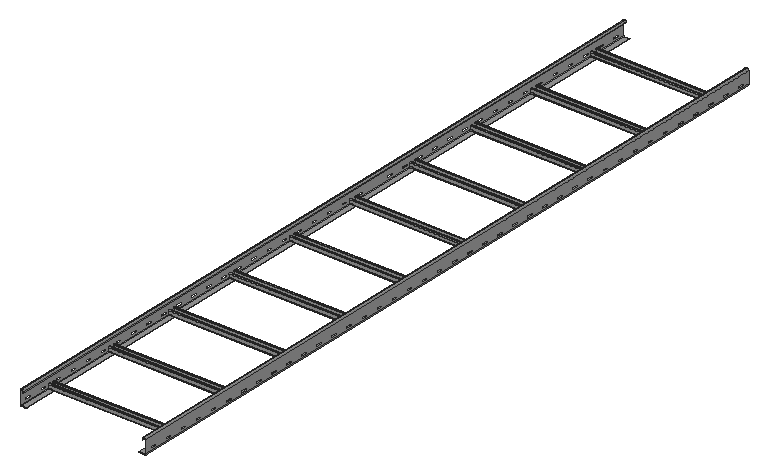
Revit family "LLIS 650 3 FS_FT Kabelleiter,gelocht", category Generic Models, Revit 2017
Family settings
  Can host rebar = No
  Round Connector Dimension = Use Diameter
  Part Type = Normal
  Work Plane-Based = No
  Always vertical = Yes
  Cut with Voids When Loaded = No
  Shared = No
  Room Calculation Point = No
Parameters (values of type "LLIS 650 3 FT")
  Width = 499.283 mm
  URL = "http://www.obo-bettermann.com"
  Material = Hot dip galvanised
  Manufacturer Art.No. = "6209576"
  Manufacturer = "OBO BETTERMANN"
  GTIN = "4012196773152"
  Cut's number 2 = 40
  Cut's number = 10
  Article Type = "LLIS 650 3 FT"
Reference planes
  plane 1 "Center (Front/Back)": y = 0
  plane 2: z = 0
  plane 3 "Center (Left/Right)": x = 0
  plane 4: x = 200
  plane 5: z = 60
  plane 6: x = 12
  plane 7: x = 188
  plane 8: z = 51
  plane 9: z = 51
  plane 10: z = 55.5
  plane 11: z = 55.5
  plane 12: y = 3000
  plane 13: y = 150
  plane 14: y = 135
  plane 15: y = 165
  plane 16: z = 19
  plane 17: x = 195.533
  plane 18: x = -296.172
  plane 19: x = -298.922
  plane 20: x = 198.283
  plane 21: y = 450
  plane 22: y = 435
  plane 23: y = 465
  plane 24: z = 19
  plane 25: y = 750
  plane 26: y = 735
  plane 27: y = 765
  plane 28: z = 19
  plane 29: y = 1050
  plane 30: y = 1035
  plane 31: y = 1065
  plane 32: z = 19
  plane 33: y = 1350
  plane 34: y = 1335
  plane 35: y = 1365
  plane 36: z = 19
  plane 37: y = 1650
  plane 38: y = 1635
  plane 39: y = 1665
  plane 40: z = 19
  plane 41: y = 1950
  plane 42: y = 1935
  plane 43: y = 1965
  plane 44: z = 19
  plane 45: y = 2250
  plane 46: y = 2235
  plane 47: y = 2265
  plane 48: z = 19
  plane 49: y = 2550
  plane 50: y = 2535
  plane 51: y = 2565
  plane 52: z = 19
  plane 53: y = 2850
  plane 54: y = 2835
  plane 55: y = 2865
  plane 56: z = 19
  plane 57: x = 198.283
  plane 58: x = -299
  plane 59: z = 14
  plane 60: y = 37.5
  plane 61: z = 14
  plane 62: y = 112.5
  plane 63: z = 14
  plane 64: y = 187.5
  plane 65: z = 14
  plane 66: y = 262.5
  plane 67: z = 14
  plane 68: y = 337.5
  plane 69: z = 14
  plane 70: y = 412.5
  plane 71: z = 14
  plane 72: y = 487.5
  plane 73: z = 14
  plane 74: y = 562.5
  plane 75: z = 14
  plane 76: y = 637.5
  plane 77: z = 14
  plane 78: y = 712.5
  plane 79: z = 14
  plane 80: y = 787.5
  plane 81: z = 14
  plane 82: y = 862.5
  plane 83: z = 14
  plane 84: y = 937.5
  plane 85: z = 14
  plane 86: y = 1012.5
  plane 87: z = 14
  plane 88: y = 1087.5
  plane 89: z = 14
  plane 90: y = 1162.5
  plane 91: z = 14
  plane 92: y = 1237.5
  plane 93: z = 14
  plane 94: y = 1312.5
  plane 95: z = 14
  plane 96: y = 1387.5
  plane 97: z = 14
  plane 98: y = 1462.5
  plane 99: z = 14
  plane 100: y = 1537.5
  plane 101: z = 14
  plane 102: y = 1612.5
  plane 103: z = 14
  plane 104: y = 1687.5
  plane 105: z = 14
  plane 106: y = 1762.5
  plane 107: z = 14
  plane 108: y = 1837.5
  plane 109: z = 14
  plane 110: y = 1912.5
  plane 111: z = 14
  plane 112: y = 1987.5
  plane 113: z = 14
  plane 114: y = 2062.5
  plane 115: z = 14
  plane 116: y = 2137.5
  plane 117: z = 14
  plane 118: y = 2212.5
  plane 119: z = 14
  plane 120: y = 2287.5
  plane 121: z = 14
  plane 122: y = 2362.5
  plane 123: z = 14
  plane 124: y = 2437.5
  plane 125: z = 14
  plane 126: y = 2512.5
  plane 127: z = 14
  plane 128: y = 2587.5
  plane 129: z = 14
  plane 130: y = 2662.5
  plane 131: z = 14
  plane 132: y = 2737.5
  plane 133: z = 14
  plane 134: y = 2812.5
  plane 135: z = 14
  plane 136: y = 2887.5
  plane 137: z = 14
  plane 138: y = 2962.5
  plane 139: z = 14
  plane 140: y = 37.5
  plane 141: z = 14
  plane 142: y = 112.5
  plane 143: z = 14
  plane 144: y = 187.5
  plane 145: z = 14
  plane 146: y = 262.5
  plane 147: z = 14
  plane 148: y = 337.5
  plane 149: z = 14
  plane 150: y = 412.5
  plane 151: z = 14
  plane 152: y = 487.5
  plane 153: z = 14
  plane 154: y = 562.5
  plane 155: z = 14
  plane 156: y = 637.5
  plane 157: z = 14
  plane 158: y = 712.5
  plane 159: z = 14
  plane 160: y = 787.5
  plane 161: z = 14
  plane 162: y = 862.5
  plane 163: z = 14
  plane 164: y = 937.5
  plane 165: z = 14
  plane 166: y = 1012.5
  plane 167: z = 14
  plane 168: y = 1087.5
  plane 169: z = 14
  plane 170: y = 1162.5
  plane 171: z = 14
  plane 172: y = 1237.5
  plane 173: z = 14
  plane 174: y = 1312.5
  plane 175: z = 14
  plane 176: y = 1387.5
  plane 177: z = 14
  plane 178: y = 1462.5
  plane 179: z = 14
  plane 180: y = 1537.5
  plane 181: z = 14
  plane 182: y = 1612.5
  plane 183: z = 14
  plane 184: y = 1687.5
  plane 185: z = 14
  plane 186: y = 1039.791
  plane 187: z = 14
  plane 188: y = 1837.5
  plane 189: z = 14
  plane 190: y = 1912.5
  plane 191: z = 14
  plane 192: y = 1987.5
  plane 193: z = 14
  plane 194: y = 2062.5
  plane 195: z = 14
  plane 196: y = 2137.5
  plane 197: z = 14
  plane 198: y = 2212.5
  plane 199: z = 14
  plane 200: y = 2287.5
  plane 201: z = 14
  plane 202: y = 2362.5
  plane 203: z = 14
  plane 204: y = 2437.5
  plane 205: z = 14
  plane 206: y = 2512.5
  plane 207: z = 14
  plane 208: y = 2587.5
  plane 209: z = 14
  plane 210: y = 2662.5
  plane 211: z = 14
  plane 212: y = 2737.5
  plane 213: z = 14
  plane 214: y = 2812.5
  plane 215: z = 14
  plane 216: y = 2887.5
  plane 217: z = 14
  plane 218: y = 2962.5
Forms (mm)
  Extrusion 1, solid, material "Hot dip galvanised" <- "Material"
    sketch origin (0, 0, 0) x (1, 0, 0) y (0, 0, 1)
      loop
        line (-300, 54.006) -> (-300, 2)
        arc (-300, 2) -> (-299.414, 0.586) -> (-298, 0) r 2
        line (-298, 0) -> (-273.025, 0) -> (-273.025, 1) -> (-298, 1)
        arc (-298, 1) -> (-298.707, 1.293) -> (-299, 2) r 1
        line (-299, 2) -> (-299, 54.006)
        arc (-299, 54.006) -> (-294, 59.006) -> (-289, 54.006) r 5
        line (-289, 54.006) -> (-289, 51) -> (-288, 51) -> (-288, 54.006)
        arc (-288, 54.006) -> (-294, 60.006) -> (-300, 54.006) r 6
      loop
        line (199.283, 2) -> (199.283, 53.941)
        arc (199.283, 53.941) -> (193.283, 59.941) -> (187.283, 53.941) r 6
        line (187.283, 53.941) -> (187.283, 51) -> (188.283, 51) -> (188.283, 53.941)
        arc (188.283, 53.941) -> (193.283, 58.941) -> (198.283, 53.941) r 5
        line (198.283, 53.941) -> (198.283, 2)
        arc (198.283, 2) -> (197.99, 1.293) -> (197.283, 1) r 1
        line (197.283, 1) -> (172.972, 1) -> (172.972, 0) -> (197.283, 0)
        arc (197.283, 0) -> (198.697, 0.586) -> (199.283, 2) r 2
    from 0 to -3000
  Extrusion 2, solid, material "Hot dip galvanised" <- "Material"
    sketch origin (0, 0, 0) x (0, 1, 0) y (0, 0, 1)
      loop
        line (137, 1) -> (163, 1)
        arc (163, 1) -> (164.414, 1.586) -> (165, 3) r 2
        line (165, 3) -> (165, 17)
        arc (165, 17) -> (164.414, 18.414) -> (163, 19) r 2
        line (163, 19) -> (158.5, 19) -> (158.5, 18) -> (163, 18)
        arc (163, 18) -> (163.707, 17.707) -> (164, 17) r 1
        line (164, 17) -> (164, 3)
        arc (164, 3) -> (163.707, 2.293) -> (163, 2) r 1
        line (163, 2) -> (137, 2)
        arc (137, 2) -> (136.293, 2.293) -> (136, 3) r 1
        line (136, 3) -> (136, 17)
        arc (136, 17) -> (136.293, 17.707) -> (137, 18) r 1
        line (137, 18) -> (141.517, 18) -> (141.517, 19) -> (137, 19)
        arc (137, 19) -> (135.586, 18.414) -> (135, 17) r 2
        line (135, 17) -> (135, 3)
        arc (135, 3) -> (135.586, 1.586) -> (137, 1) r 2
    from -296.172 to 195.533
  Extrusion 3, solid, material "Hot dip galvanised" <- "Material"
    sketch origin (0, 300, 0) x (0, 1, 0) y (0, 0, 1)
      loop
        line (137, 1) -> (163, 1)
        arc (163, 1) -> (164.414, 1.586) -> (165, 3) r 2
        line (165, 3) -> (165, 17)
        arc (165, 17) -> (164.414, 18.414) -> (163, 19) r 2
        line (163, 19) -> (158.5, 19) -> (158.5, 18) -> (163, 18)
        arc (163, 18) -> (163.707, 17.707) -> (164, 17) r 1
        line (164, 17) -> (164, 3)
        arc (164, 3) -> (163.707, 2.293) -> (163, 2) r 1
        line (163, 2) -> (137, 2)
        arc (137, 2) -> (136.293, 2.293) -> (136, 3) r 1
        line (136, 3) -> (136, 17)
        arc (136, 17) -> (136.293, 17.707) -> (137, 18) r 1
        line (137, 18) -> (141.517, 18) -> (141.517, 19) -> (137, 19)
        arc (137, 19) -> (135.586, 18.414) -> (135, 17) r 2
        line (135, 17) -> (135, 3)
        arc (135, 3) -> (135.586, 1.586) -> (137, 1) r 2
    from -296.172 to 195.533
  Extrusion 4, solid, material "Hot dip galvanised" <- "Material"
    sketch origin (0, 600, 0) x (0, 1, 0) y (0, 0, 1)
      loop
        line (137, 1) -> (163, 1)
        arc (163, 1) -> (164.414, 1.586) -> (165, 3) r 2
        line (165, 3) -> (165, 17)
        arc (165, 17) -> (164.414, 18.414) -> (163, 19) r 2
        line (163, 19) -> (158.5, 19) -> (158.5, 18) -> (163, 18)
        arc (163, 18) -> (163.707, 17.707) -> (164, 17) r 1
        line (164, 17) -> (164, 3)
        arc (164, 3) -> (163.707, 2.293) -> (163, 2) r 1
        line (163, 2) -> (137, 2)
        arc (137, 2) -> (136.293, 2.293) -> (136, 3) r 1
        line (136, 3) -> (136, 17)
        arc (136, 17) -> (136.293, 17.707) -> (137, 18) r 1
        line (137, 18) -> (141.517, 18) -> (141.517, 19) -> (137, 19)
        arc (137, 19) -> (135.586, 18.414) -> (135, 17) r 2
        line (135, 17) -> (135, 3)
        arc (135, 3) -> (135.586, 1.586) -> (137, 1) r 2
    from -296.172 to 195.533
  Extrusion 5, solid, material "Hot dip galvanised" <- "Material"
    sketch origin (0, 900, 0) x (0, 1, 0) y (0, 0, 1)
      loop
        line (137, 1) -> (163, 1)
        arc (163, 1) -> (164.414, 1.586) -> (165, 3) r 2
        line (165, 3) -> (165, 17)
        arc (165, 17) -> (164.414, 18.414) -> (163, 19) r 2
        line (163, 19) -> (158.5, 19) -> (158.5, 18) -> (163, 18)
        arc (163, 18) -> (163.707, 17.707) -> (164, 17) r 1
        line (164, 17) -> (164, 3)
        arc (164, 3) -> (163.707, 2.293) -> (163, 2) r 1
        line (163, 2) -> (137, 2)
        arc (137, 2) -> (136.293, 2.293) -> (136, 3) r 1
        line (136, 3) -> (136, 17)
        arc (136, 17) -> (136.293, 17.707) -> (137, 18) r 1
        line (137, 18) -> (141.517, 18) -> (141.517, 19) -> (137, 19)
        arc (137, 19) -> (135.586, 18.414) -> (135, 17) r 2
        line (135, 17) -> (135, 3)
        arc (135, 3) -> (135.586, 1.586) -> (137, 1) r 2
    from -296.172 to 195.533
  Extrusion 6, solid, material "Hot dip galvanised" <- "Material"
    sketch origin (0, 1200, 0) x (0, 1, 0) y (0, 0, 1)
      loop
        line (137, 1) -> (163, 1)
        arc (163, 1) -> (164.414, 1.586) -> (165, 3) r 2
        line (165, 3) -> (165, 17)
        arc (165, 17) -> (164.414, 18.414) -> (163, 19) r 2
        line (163, 19) -> (158.5, 19) -> (158.5, 18) -> (163, 18)
        arc (163, 18) -> (163.707, 17.707) -> (164, 17) r 1
        line (164, 17) -> (164, 3)
        arc (164, 3) -> (163.707, 2.293) -> (163, 2) r 1
        line (163, 2) -> (137, 2)
        arc (137, 2) -> (136.293, 2.293) -> (136, 3) r 1
        line (136, 3) -> (136, 17)
        arc (136, 17) -> (136.293, 17.707) -> (137, 18) r 1
        line (137, 18) -> (141.517, 18) -> (141.517, 19) -> (137, 19)
        arc (137, 19) -> (135.586, 18.414) -> (135, 17) r 2
        line (135, 17) -> (135, 3)
        arc (135, 3) -> (135.586, 1.586) -> (137, 1) r 2
    from -296.172 to 195.533
  Extrusion 7, solid, material "Hot dip galvanised" <- "Material"
    sketch origin (0, 1500, 0) x (0, 1, 0) y (0, 0, 1)
      loop
        line (137, 1) -> (163, 1)
        arc (163, 1) -> (164.414, 1.586) -> (165, 3) r 2
        line (165, 3) -> (165, 17)
        arc (165, 17) -> (164.414, 18.414) -> (163, 19) r 2
        line (163, 19) -> (158.5, 19) -> (158.5, 18) -> (163, 18)
        arc (163, 18) -> (163.707, 17.707) -> (164, 17) r 1
        line (164, 17) -> (164, 3)
        arc (164, 3) -> (163.707, 2.293) -> (163, 2) r 1
        line (163, 2) -> (137, 2)
        arc (137, 2) -> (136.293, 2.293) -> (136, 3) r 1
        line (136, 3) -> (136, 17)
        arc (136, 17) -> (136.293, 17.707) -> (137, 18) r 1
        line (137, 18) -> (141.517, 18) -> (141.517, 19) -> (137, 19)
        arc (137, 19) -> (135.586, 18.414) -> (135, 17) r 2
        line (135, 17) -> (135, 3)
        arc (135, 3) -> (135.586, 1.586) -> (137, 1) r 2
    from -296.172 to 195.533
  Extrusion 8, solid, material "Hot dip galvanised" <- "Material"
    sketch origin (0, 1800, 0) x (0, 1, 0) y (0, 0, 1)
      loop
        line (137, 1) -> (163, 1)
        arc (163, 1) -> (164.414, 1.586) -> (165, 3) r 2
        line (165, 3) -> (165, 17)
        arc (165, 17) -> (164.414, 18.414) -> (163, 19) r 2
        line (163, 19) -> (158.5, 19) -> (158.5, 18) -> (163, 18)
        arc (163, 18) -> (163.707, 17.707) -> (164, 17) r 1
        line (164, 17) -> (164, 3)
        arc (164, 3) -> (163.707, 2.293) -> (163, 2) r 1
        line (163, 2) -> (137, 2)
        arc (137, 2) -> (136.293, 2.293) -> (136, 3) r 1
        line (136, 3) -> (136, 17)
        arc (136, 17) -> (136.293, 17.707) -> (137, 18) r 1
        line (137, 18) -> (141.517, 18) -> (141.517, 19) -> (137, 19)
        arc (137, 19) -> (135.586, 18.414) -> (135, 17) r 2
        line (135, 17) -> (135, 3)
        arc (135, 3) -> (135.586, 1.586) -> (137, 1) r 2
    from -296.172 to 195.533
  Extrusion 9, solid, material "Hot dip galvanised" <- "Material"
    sketch origin (0, 2100, 0) x (0, 1, 0) y (0, 0, 1)
      loop
        line (137, 1) -> (163, 1)
        arc (163, 1) -> (164.414, 1.586) -> (165, 3) r 2
        line (165, 3) -> (165, 17)
        arc (165, 17) -> (164.414, 18.414) -> (163, 19) r 2
        line (163, 19) -> (158.5, 19) -> (158.5, 18) -> (163, 18)
        arc (163, 18) -> (163.707, 17.707) -> (164, 17) r 1
        line (164, 17) -> (164, 3)
        arc (164, 3) -> (163.707, 2.293) -> (163, 2) r 1
        line (163, 2) -> (137, 2)
        arc (137, 2) -> (136.293, 2.293) -> (136, 3) r 1
        line (136, 3) -> (136, 17)
        arc (136, 17) -> (136.293, 17.707) -> (137, 18) r 1
        line (137, 18) -> (141.517, 18) -> (141.517, 19) -> (137, 19)
        arc (137, 19) -> (135.586, 18.414) -> (135, 17) r 2
        line (135, 17) -> (135, 3)
        arc (135, 3) -> (135.586, 1.586) -> (137, 1) r 2
    from -296.172 to 195.533
  Extrusion 10, solid, material "Hot dip galvanised" <- "Material"
    sketch origin (0, 2400, 0) x (0, 1, 0) y (0, 0, 1)
      loop
        line (137, 1) -> (163, 1)
        arc (163, 1) -> (164.414, 1.586) -> (165, 3) r 2
        line (165, 3) -> (165, 17)
        arc (165, 17) -> (164.414, 18.414) -> (163, 19) r 2
        line (163, 19) -> (158.5, 19) -> (158.5, 18) -> (163, 18)
        arc (163, 18) -> (163.707, 17.707) -> (164, 17) r 1
        line (164, 17) -> (164, 3)
        arc (164, 3) -> (163.707, 2.293) -> (163, 2) r 1
        line (163, 2) -> (137, 2)
        arc (137, 2) -> (136.293, 2.293) -> (136, 3) r 1
        line (136, 3) -> (136, 17)
        arc (136, 17) -> (136.293, 17.707) -> (137, 18) r 1
        line (137, 18) -> (141.517, 18) -> (141.517, 19) -> (137, 19)
        arc (137, 19) -> (135.586, 18.414) -> (135, 17) r 2
        line (135, 17) -> (135, 3)
        arc (135, 3) -> (135.586, 1.586) -> (137, 1) r 2
    from -296.172 to 195.533
  Extrusion 11, solid, material "Hot dip galvanised" <- "Material"
    sketch origin (0, 2700, 0) x (0, 1, 0) y (0, 0, 1)
      loop
        line (137, 1) -> (163, 1)
        arc (163, 1) -> (164.414, 1.586) -> (165, 3) r 2
        line (165, 3) -> (165, 17)
        arc (165, 17) -> (164.414, 18.414) -> (163, 19) r 2
        line (163, 19) -> (158.5, 19) -> (158.5, 18) -> (163, 18)
        arc (163, 18) -> (163.707, 17.707) -> (164, 17) r 1
        line (164, 17) -> (164, 3)
        arc (164, 3) -> (163.707, 2.293) -> (163, 2) r 1
        line (163, 2) -> (137, 2)
        arc (137, 2) -> (136.293, 2.293) -> (136, 3) r 1
        line (136, 3) -> (136, 17)
        arc (136, 17) -> (136.293, 17.707) -> (137, 18) r 1
        line (137, 18) -> (141.517, 18) -> (141.517, 19) -> (137, 19)
        arc (137, 19) -> (135.586, 18.414) -> (135, 17) r 2
        line (135, 17) -> (135, 3)
        arc (135, 3) -> (135.586, 1.586) -> (137, 1) r 2
    from -296.172 to 195.533
  Extrusion 12, void
    sketch origin (0, 0, 0) x (0, 1, 0) y (0, 0, 1)
      loop
        line (23.5, 18.483) -> (23.5, 9.483) -> (51.5, 9.483) -> (51.5, 18.483) -> (23.5, 18.483)
    from 198.282 to 199.293
  Extrusion 13, void
    sketch origin (0, 75, 0) x (0, 1, 0) y (0, 0, 1)
      loop
        line (23.5, 18.483) -> (23.5, 9.483) -> (51.5, 9.483) -> (51.5, 18.483) -> (23.5, 18.483)
    from 198.282 to 199.293
  Extrusion 14, void
    sketch origin (0, 150, 0) x (0, 1, 0) y (0, 0, 1)
      loop
        line (23.5, 18.483) -> (23.5, 9.483) -> (51.5, 9.483) -> (51.5, 18.483) -> (23.5, 18.483)
    from 198.282 to 199.293
  Extrusion 15, void
    sketch origin (0, 225, 0) x (0, 1, 0) y (0, 0, 1)
      loop
        line (23.5, 18.483) -> (23.5, 9.483) -> (51.5, 9.483) -> (51.5, 18.483) -> (23.5, 18.483)
    from 198.282 to 199.293
  Extrusion 16, void
    sketch origin (0, 300, 0) x (0, 1, 0) y (0, 0, 1)
      loop
        line (23.5, 18.483) -> (23.5, 9.483) -> (51.5, 9.483) -> (51.5, 18.483) -> (23.5, 18.483)
    from 198.282 to 199.293
  Extrusion 17, void
    sketch origin (0, 375, 0) x (0, 1, 0) y (0, 0, 1)
      loop
        line (23.5, 18.483) -> (23.5, 9.483) -> (51.5, 9.483) -> (51.5, 18.483) -> (23.5, 18.483)
    from 198.282 to 199.293
  Extrusion 18, void
    sketch origin (0, 450, 0) x (0, 1, 0) y (0, 0, 1)
      loop
        line (23.5, 18.483) -> (23.5, 9.483) -> (51.5, 9.483) -> (51.5, 18.483) -> (23.5, 18.483)
    from 198.282 to 199.293
  Extrusion 19, void
    sketch origin (0, 525, 0) x (0, 1, 0) y (0, 0, 1)
      loop
        line (23.5, 18.483) -> (23.5, 9.483) -> (51.5, 9.483) -> (51.5, 18.483) -> (23.5, 18.483)
    from 198.282 to 199.293
  Extrusion 20, void
    sketch origin (0, 600, 0) x (0, 1, 0) y (0, 0, 1)
      loop
        line (23.5, 18.483) -> (23.5, 9.483) -> (51.5, 9.483) -> (51.5, 18.483) -> (23.5, 18.483)
    from 198.282 to 199.293
  Extrusion 21, void
    sketch origin (0, 675, 0) x (0, 1, 0) y (0, 0, 1)
      loop
        line (23.5, 18.483) -> (23.5, 9.483) -> (51.5, 9.483) -> (51.5, 18.483) -> (23.5, 18.483)
    from 198.282 to 199.293
  Extrusion 22, void
    sketch origin (0, 750, 0) x (0, 1, 0) y (0, 0, 1)
      loop
        line (23.5, 18.483) -> (23.5, 9.483) -> (51.5, 9.483) -> (51.5, 18.483) -> (23.5, 18.483)
    from 198.282 to 199.293
  Extrusion 23, void
    sketch origin (0, 825, 0) x (0, 1, 0) y (0, 0, 1)
      loop
        line (23.5, 18.483) -> (23.5, 9.483) -> (51.5, 9.483) -> (51.5, 18.483) -> (23.5, 18.483)
    from 198.282 to 199.293
  Extrusion 24, void
    sketch origin (0, 900, 0) x (0, 1, 0) y (0, 0, 1)
      loop
        line (23.5, 18.483) -> (23.5, 9.483) -> (51.5, 9.483) -> (51.5, 18.483) -> (23.5, 18.483)
    from 198.282 to 199.293
  Extrusion 25, void
    sketch origin (0, 975, 0) x (0, 1, 0) y (0, 0, 1)
      loop
        line (23.5, 18.483) -> (23.5, 9.483) -> (51.5, 9.483) -> (51.5, 18.483) -> (23.5, 18.483)
    from 198.282 to 199.293
  Extrusion 26, void
    sketch origin (0, 1050, 0) x (0, 1, 0) y (0, 0, 1)
      loop
        line (23.5, 18.483) -> (23.5, 9.483) -> (51.5, 9.483) -> (51.5, 18.483) -> (23.5, 18.483)
    from 198.282 to 199.293
  Extrusion 27, void
    sketch origin (0, 1125, 0) x (0, 1, 0) y (0, 0, 1)
      loop
        line (23.5, 18.483) -> (23.5, 9.483) -> (51.5, 9.483) -> (51.5, 18.483) -> (23.5, 18.483)
    from 198.282 to 199.293
  Extrusion 28, void
    sketch origin (0, 1200, 0) x (0, 1, 0) y (0, 0, 1)
      loop
        line (23.5, 18.483) -> (23.5, 9.483) -> (51.5, 9.483) -> (51.5, 18.483) -> (23.5, 18.483)
    from 198.282 to 199.293
  Extrusion 29, void
    sketch origin (0, 1275, 0) x (0, 1, 0) y (0, 0, 1)
      loop
        line (23.5, 18.483) -> (23.5, 9.483) -> (51.5, 9.483) -> (51.5, 18.483) -> (23.5, 18.483)
    from 198.282 to 199.293
  Extrusion 30, void
    sketch origin (0, 1350, 0) x (0, 1, 0) y (0, 0, 1)
      loop
        line (23.5, 18.483) -> (23.5, 9.483) -> (51.5, 9.483) -> (51.5, 18.483) -> (23.5, 18.483)
    from 198.282 to 199.293
  Extrusion 31, void
    sketch origin (0, 1425, 0) x (0, 1, 0) y (0, 0, 1)
      loop
        line (23.5, 18.483) -> (23.5, 9.483) -> (51.5, 9.483) -> (51.5, 18.483) -> (23.5, 18.483)
    from 198.282 to 199.293
  Extrusion 32, void
    sketch origin (0, 1500, 0) x (0, 1, 0) y (0, 0, 1)
      loop
        line (23.5, 18.483) -> (23.5, 9.483) -> (51.5, 9.483) -> (51.5, 18.483) -> (23.5, 18.483)
    from 198.282 to 199.293
  Extrusion 33, void
    sketch origin (0, 1575, 0) x (0, 1, 0) y (0, 0, 1)
      loop
        line (23.5, 18.483) -> (23.5, 9.483) -> (51.5, 9.483) -> (51.5, 18.483) -> (23.5, 18.483)
    from 198.282 to 199.293
  Extrusion 34, void
    sketch origin (0, 1650, 0) x (0, 1, 0) y (0, 0, 1)
      loop
        line (23.5, 18.483) -> (23.5, 9.483) -> (51.5, 9.483) -> (51.5, 18.483) -> (23.5, 18.483)
    from 198.282 to 199.293
  Extrusion 35, void
    sketch origin (0, 1725, 0) x (0, 1, 0) y (0, 0, 1)
      loop
        line (23.5, 18.483) -> (23.5, 9.483) -> (51.5, 9.483) -> (51.5, 18.483) -> (23.5, 18.483)
    from 198.282 to 199.293
  Extrusion 36, void
    sketch origin (0, 1800, 0) x (0, 1, 0) y (0, 0, 1)
      loop
        line (23.5, 18.483) -> (23.5, 9.483) -> (51.5, 9.483) -> (51.5, 18.483) -> (23.5, 18.483)
    from 198.282 to 199.293
  Extrusion 37, void
    sketch origin (0, 1875, 0) x (0, 1, 0) y (0, 0, 1)
      loop
        line (23.5, 18.483) -> (23.5, 9.483) -> (51.5, 9.483) -> (51.5, 18.483) -> (23.5, 18.483)
    from 198.282 to 199.293
  Extrusion 38, void
    sketch origin (0, 1950, 0) x (0, 1, 0) y (0, 0, 1)
      loop
        line (23.5, 18.483) -> (23.5, 9.483) -> (51.5, 9.483) -> (51.5, 18.483) -> (23.5, 18.483)
    from 198.282 to 199.293
  Extrusion 39, void
    sketch origin (0, 2025, 0) x (0, 1, 0) y (0, 0, 1)
      loop
        line (23.5, 18.483) -> (23.5, 9.483) -> (51.5, 9.483) -> (51.5, 18.483) -> (23.5, 18.483)
    from 198.282 to 199.293
  Extrusion 40, void
    sketch origin (0, 2100, 0) x (0, 1, 0) y (0, 0, 1)
      loop
        line (23.5, 18.483) -> (23.5, 9.483) -> (51.5, 9.483) -> (51.5, 18.483) -> (23.5, 18.483)
    from 198.282 to 199.293
  Extrusion 41, void
    sketch origin (0, 2175, 0) x (0, 1, 0) y (0, 0, 1)
      loop
        line (23.5, 18.483) -> (23.5, 9.483) -> (51.5, 9.483) -> (51.5, 18.483) -> (23.5, 18.483)
    from 198.282 to 199.293
  Extrusion 42, void
    sketch origin (0, 2250, 0) x (0, 1, 0) y (0, 0, 1)
      loop
        line (23.5, 18.483) -> (23.5, 9.483) -> (51.5, 9.483) -> (51.5, 18.483) -> (23.5, 18.483)
    from 198.282 to 199.293
  Extrusion 43, void
    sketch origin (0, 2325, 0) x (0, 1, 0) y (0, 0, 1)
      loop
        line (23.5, 18.483) -> (23.5, 9.483) -> (51.5, 9.483) -> (51.5, 18.483) -> (23.5, 18.483)
    from 198.282 to 199.293
  Extrusion 44, void
    sketch origin (0, 2400, 0) x (0, 1, 0) y (0, 0, 1)
      loop
        line (23.5, 18.483) -> (23.5, 9.483) -> (51.5, 9.483) -> (51.5, 18.483) -> (23.5, 18.483)
    from 198.282 to 199.293
  Extrusion 45, void
    sketch origin (0, 2475, 0) x (0, 1, 0) y (0, 0, 1)
      loop
        line (23.5, 18.483) -> (23.5, 9.483) -> (51.5, 9.483) -> (51.5, 18.483) -> (23.5, 18.483)
    from 198.282 to 199.293
  Extrusion 46, void
    sketch origin (0, 2550, 0) x (0, 1, 0) y (0, 0, 1)
      loop
        line (23.5, 18.483) -> (23.5, 9.483) -> (51.5, 9.483) -> (51.5, 18.483) -> (23.5, 18.483)
    from 198.282 to 199.293
  Extrusion 47, void
    sketch origin (0, 2625, 0) x (0, 1, 0) y (0, 0, 1)
      loop
        line (23.5, 18.483) -> (23.5, 9.483) -> (51.5, 9.483) -> (51.5, 18.483) -> (23.5, 18.483)
    from 198.282 to 199.293
  Extrusion 48, void
    sketch origin (0, 2700, 0) x (0, 1, 0) y (0, 0, 1)
      loop
        line (23.5, 18.483) -> (23.5, 9.483) -> (51.5, 9.483) -> (51.5, 18.483) -> (23.5, 18.483)
    from 198.282 to 199.293
  Extrusion 49, void
    sketch origin (0, 2775, 0) x (0, 1, 0) y (0, 0, 1)
      loop
        line (23.5, 18.483) -> (23.5, 9.483) -> (51.5, 9.483) -> (51.5, 18.483) -> (23.5, 18.483)
    from 198.282 to 199.293
  Extrusion 50, void
    sketch origin (0, 2850, 0) x (0, 1, 0) y (0, 0, 1)
      loop
        line (23.5, 18.483) -> (23.5, 9.483) -> (51.5, 9.483) -> (51.5, 18.483) -> (23.5, 18.483)
    from 198.282 to 199.293
  Extrusion 51, void
    sketch origin (0, 2925, 0) x (0, 1, 0) y (0, 0, 1)
      loop
        line (23.5, 18.483) -> (23.5, 9.483) -> (51.5, 9.483) -> (51.5, 18.483) -> (23.5, 18.483)
    from 198.282 to 199.293
  Extrusion 52, void
    sketch origin (0, 0, 0) x (0, 1, 0) y (0, 0, 1)
      loop
        line (51.5, 18.5) -> (23.5, 18.5) -> (23.5, 9.5) -> (51.5, 9.5) -> (51.5, 18.5)
    from -300 to -299
  Extrusion 53, void
    sketch origin (0, 75, 0) x (0, 1, 0) y (0, 0, 1)
      loop
        line (51.5, 18.5) -> (23.5, 18.5) -> (23.5, 9.5) -> (51.5, 9.5) -> (51.5, 18.5)
    from -300 to -299
  Extrusion 54, void
    sketch origin (0, 150, 0) x (0, 1, 0) y (0, 0, 1)
      loop
        line (51.5, 18.5) -> (23.5, 18.5) -> (23.5, 9.5) -> (51.5, 9.5) -> (51.5, 18.5)
    from -300 to -299
  Extrusion 55, void
    sketch origin (0, 225, 0) x (0, 1, 0) y (0, 0, 1)
      loop
        line (51.5, 18.5) -> (23.5, 18.5) -> (23.5, 9.5) -> (51.5, 9.5) -> (51.5, 18.5)
    from -300 to -299
  Extrusion 56, void
    sketch origin (0, 300, 0) x (0, 1, 0) y (0, 0, 1)
      loop
        line (51.5, 18.5) -> (23.5, 18.5) -> (23.5, 9.5) -> (51.5, 9.5) -> (51.5, 18.5)
    from -300 to -299
  Extrusion 57, void
    sketch origin (0, 375, 0) x (0, 1, 0) y (0, 0, 1)
      loop
        line (51.5, 18.5) -> (23.5, 18.5) -> (23.5, 9.5) -> (51.5, 9.5) -> (51.5, 18.5)
    from -300 to -299
  Extrusion 58, void
    sketch origin (0, 450, 0) x (0, 1, 0) y (0, 0, 1)
      loop
        line (51.5, 18.5) -> (23.5, 18.5) -> (23.5, 9.5) -> (51.5, 9.5) -> (51.5, 18.5)
    from -300 to -299
  Extrusion 59, void
    sketch origin (0, 525, 0) x (0, 1, 0) y (0, 0, 1)
      loop
        line (51.5, 18.5) -> (23.5, 18.5) -> (23.5, 9.5) -> (51.5, 9.5) -> (51.5, 18.5)
    from -300 to -299
  Extrusion 60, void
    sketch origin (0, 600, 0) x (0, 1, 0) y (0, 0, 1)
      loop
        line (51.5, 18.5) -> (23.5, 18.5) -> (23.5, 9.5) -> (51.5, 9.5) -> (51.5, 18.5)
    from -300 to -299
  Extrusion 61, void
    sketch origin (0, 675, 0) x (0, 1, 0) y (0, 0, 1)
      loop
        line (51.5, 18.5) -> (23.5, 18.5) -> (23.5, 9.5) -> (51.5, 9.5) -> (51.5, 18.5)
    from -300 to -299
  Extrusion 62, void
    sketch origin (0, 750, 0) x (0, 1, 0) y (0, 0, 1)
      loop
        line (51.5, 18.5) -> (23.5, 18.5) -> (23.5, 9.5) -> (51.5, 9.5) -> (51.5, 18.5)
    from -300 to -299
  Extrusion 63, void
    sketch origin (0, 825, 0) x (0, 1, 0) y (0, 0, 1)
      loop
        line (51.5, 18.5) -> (23.5, 18.5) -> (23.5, 9.5) -> (51.5, 9.5) -> (51.5, 18.5)
    from -300 to -299
  Extrusion 64, void
    sketch origin (0, 900, 0) x (0, 1, 0) y (0, 0, 1)
      loop
        line (51.5, 18.5) -> (23.5, 18.5) -> (23.5, 9.5) -> (51.5, 9.5) -> (51.5, 18.5)
    from -300 to -299
  Extrusion 65, void
    sketch origin (0, 975, 0) x (0, 1, 0) y (0, 0, 1)
      loop
        line (51.5, 18.5) -> (23.5, 18.5) -> (23.5, 9.5) -> (51.5, 9.5) -> (51.5, 18.5)
    from -300 to -299
  Extrusion 66, void
    sketch origin (0, 1050, 0) x (0, 1, 0) y (0, 0, 1)
      loop
        line (51.5, 18.5) -> (23.5, 18.5) -> (23.5, 9.5) -> (51.5, 9.5) -> (51.5, 18.5)
    from -300 to -299
  Extrusion 67, void
    sketch origin (0, 1125, 0) x (0, 1, 0) y (0, 0, 1)
      loop
        line (51.5, 18.5) -> (23.5, 18.5) -> (23.5, 9.5) -> (51.5, 9.5) -> (51.5, 18.5)
    from -300 to -299
  Extrusion 68, void
    sketch origin (0, 1200, 0) x (0, 1, 0) y (0, 0, 1)
      loop
        line (51.5, 18.5) -> (23.5, 18.5) -> (23.5, 9.5) -> (51.5, 9.5) -> (51.5, 18.5)
    from -300 to -299
  Extrusion 69, void
    sketch origin (0, 1275, 0) x (0, 1, 0) y (0, 0, 1)
      loop
        line (51.5, 18.5) -> (23.5, 18.5) -> (23.5, 9.5) -> (51.5, 9.5) -> (51.5, 18.5)
    from -300 to -299
  Extrusion 70, void
    sketch origin (0, 1350, 0) x (0, 1, 0) y (0, 0, 1)
      loop
        line (51.5, 18.5) -> (23.5, 18.5) -> (23.5, 9.5) -> (51.5, 9.5) -> (51.5, 18.5)
    from -300 to -299
  Extrusion 71, void
    sketch origin (0, 1425, 0) x (0, 1, 0) y (0, 0, 1)
      loop
        line (51.5, 18.5) -> (23.5, 18.5) -> (23.5, 9.5) -> (51.5, 9.5) -> (51.5, 18.5)
    from -300 to -299
  Extrusion 72, void
    sketch origin (0, 1500, 0) x (0, 1, 0) y (0, 0, 1)
      loop
        line (51.5, 18.5) -> (23.5, 18.5) -> (23.5, 9.5) -> (51.5, 9.5) -> (51.5, 18.5)
    from -300 to -299
  Extrusion 73, void
    sketch origin (0, 1575, 0) x (0, 1, 0) y (0, 0, 1)
      loop
        line (51.5, 18.5) -> (23.5, 18.5) -> (23.5, 9.5) -> (51.5, 9.5) -> (51.5, 18.5)
    from -300 to -299
  Extrusion 74, void
    sketch origin (0, 1650, 0) x (0, 1, 0) y (0, 0, 1)
      loop
        line (51.5, 18.5) -> (23.5, 18.5) -> (23.5, 9.5) -> (51.5, 9.5) -> (51.5, 18.5)
    from -300 to -299
  Extrusion 75, void
    sketch origin (-112.421, 1002.291, 0) x (0, 1, 0) y (0, 0, 1)
      loop
        line (51.5, 18.5) -> (23.5, 18.5) -> (23.5, 9.5) -> (51.5, 9.5) -> (51.5, 18.5)
    from -300 to -299
  Extrusion 76, void
    sketch origin (0, 1800, 0) x (0, 1, 0) y (0, 0, 1)
      loop
        line (51.5, 18.5) -> (23.5, 18.5) -> (23.5, 9.5) -> (51.5, 9.5) -> (51.5, 18.5)
    from -300 to -299
  Extrusion 77, void
    sketch origin (0, 1875, 0) x (0, 1, 0) y (0, 0, 1)
      loop
        line (51.5, 18.5) -> (23.5, 18.5) -> (23.5, 9.5) -> (51.5, 9.5) -> (51.5, 18.5)
    from -300 to -299
  Extrusion 78, void
    sketch origin (0, 1950, 0) x (0, 1, 0) y (0, 0, 1)
      loop
        line (51.5, 18.5) -> (23.5, 18.5) -> (23.5, 9.5) -> (51.5, 9.5) -> (51.5, 18.5)
    from -300 to -299
  Extrusion 79, void
    sketch origin (0, 2025, 0) x (0, 1, 0) y (0, 0, 1)
      loop
        line (51.5, 18.5) -> (23.5, 18.5) -> (23.5, 9.5) -> (51.5, 9.5) -> (51.5, 18.5)
    from -300 to -299
  Extrusion 80, void
    sketch origin (0, 2100, 0) x (0, 1, 0) y (0, 0, 1)
      loop
        line (51.5, 18.5) -> (23.5, 18.5) -> (23.5, 9.5) -> (51.5, 9.5) -> (51.5, 18.5)
    from -300 to -299
  Extrusion 81, void
    sketch origin (0, 2175, 0) x (0, 1, 0) y (0, 0, 1)
      loop
        line (51.5, 18.5) -> (23.5, 18.5) -> (23.5, 9.5) -> (51.5, 9.5) -> (51.5, 18.5)
    from -300 to -299
  Extrusion 82, void
    sketch origin (0, 2250, 0) x (0, 1, 0) y (0, 0, 1)
      loop
        line (51.5, 18.5) -> (23.5, 18.5) -> (23.5, 9.5) -> (51.5, 9.5) -> (51.5, 18.5)
    from -300 to -299
  Extrusion 83, void
    sketch origin (0, 2325, 0) x (0, 1, 0) y (0, 0, 1)
      loop
        line (51.5, 18.5) -> (23.5, 18.5) -> (23.5, 9.5) -> (51.5, 9.5) -> (51.5, 18.5)
    from -300 to -299
  Extrusion 84, void
    sketch origin (0, 2400, 0) x (0, 1, 0) y (0, 0, 1)
      loop
        line (51.5, 18.5) -> (23.5, 18.5) -> (23.5, 9.5) -> (51.5, 9.5) -> (51.5, 18.5)
    from -300 to -299
  Extrusion 85, void
    sketch origin (0, 2475, 0) x (0, 1, 0) y (0, 0, 1)
      loop
        line (51.5, 18.5) -> (23.5, 18.5) -> (23.5, 9.5) -> (51.5, 9.5) -> (51.5, 18.5)
    from -300 to -299
  Extrusion 86, void
    sketch origin (0, 2550, 0) x (0, 1, 0) y (0, 0, 1)
      loop
        line (51.5, 18.5) -> (23.5, 18.5) -> (23.5, 9.5) -> (51.5, 9.5) -> (51.5, 18.5)
    from -300 to -299
  Extrusion 87, void
    sketch origin (0, 2625, 0) x (0, 1, 0) y (0, 0, 1)
      loop
        line (51.5, 18.5) -> (23.5, 18.5) -> (23.5, 9.5) -> (51.5, 9.5) -> (51.5, 18.5)
    from -300 to -299
  Extrusion 88, void
    sketch origin (0, 2700, 0) x (0, 1, 0) y (0, 0, 1)
      loop
        line (51.5, 18.5) -> (23.5, 18.5) -> (23.5, 9.5) -> (51.5, 9.5) -> (51.5, 18.5)
    from -300 to -299
  Extrusion 89, void
    sketch origin (0, 2775, 0) x (0, 1, 0) y (0, 0, 1)
      loop
        line (51.5, 18.5) -> (23.5, 18.5) -> (23.5, 9.5) -> (51.5, 9.5) -> (51.5, 18.5)
    from -300 to -299
  Extrusion 90, void
    sketch origin (0, 2850, 0) x (0, 1, 0) y (0, 0, 1)
      loop
        line (51.5, 18.5) -> (23.5, 18.5) -> (23.5, 9.5) -> (51.5, 9.5) -> (51.5, 18.5)
    from -300 to -299
  Extrusion 91, void
    sketch origin (0, 2925, 0) x (0, 1, 0) y (0, 0, 1)
      loop
        line (51.5, 18.5) -> (23.5, 18.5) -> (23.5, 9.5) -> (51.5, 9.5) -> (51.5, 18.5)
    from -300 to -299
Cuts and joins
  Extrusion 12, Extrusion 13, Extrusion 14, Extrusion 15, Extrusion 16, Extrusion 17, Extrusion 18, Extrusion 19, Extrusion 20, Extrusion 21, Extrusion 22, Extrusion 23, Extrusion 24, Extrusion 25, Extrusion 26, Extrusion 27, Extrusion 28, Extrusion 29, Extrusion 30, Extrusion 31, Extrusion 32, Extrusion 33, Extrusion 34, Extrusion 35, Extrusion 36, Extrusion 37, Extrusion 38, Extrusion 39, Extrusion 40, Extrusion 41, Extrusion 42, Extrusion 43, Extrusion 44, Extrusion 45, Extrusion 46, Extrusion 47, Extrusion 48, Extrusion 49, Extrusion 50, Extrusion 51, Extrusion 52, Extrusion 53, Extrusion 54, Extrusion 55, Extrusion 56, Extrusion 57, Extrusion 58, Extrusion 59, Extrusion 60, Extrusion 61, Extrusion 62, Extrusion 63, Extrusion 64, Extrusion 65, Extrusion 66, Extrusion 67, Extrusion 68, Extrusion 69, Extrusion 70, Extrusion 71, Extrusion 72, Extrusion 73, Extrusion 74, Extrusion 75, Extrusion 76, Extrusion 77, Extrusion 78, Extrusion 79, Extrusion 80, Extrusion 81, Extrusion 82, Extrusion 83, Extrusion 84, Extrusion 85, Extrusion 86, Extrusion 87, Extrusion 88, Extrusion 89, Extrusion 90, Extrusion 91 cuts Extrusion 1
Dimensions and locks
  locked: Extrusion 1 sketch curve to Extrusion 1 sketch curve at 1  (x4)
  locked: Extrusion 1 sketch curve to Extrusion 1 sketch curve at 12  (x2)
  locked: Extrusion 1 sketch curve to Extrusion 1 sketch curve at 8.941
  Extrusion 1 sketch curve to Extrusion 1 sketch curve = 10 mm
  locked: Extrusion 1 sketch curve to Extrusion 1 sketch curve at 10
  locked: Extrusion 1 sketch curve to Extrusion 1 sketch curve at 51  (x2)
  "Width": Extrusion 1 to Extrusion 1
  Extrusion 1 sketch curve to Extrusion 1 sketch curve = 12 mm
  locked: Extrusion 1 sketch curve to Extrusion 1 sketch curve at 26.975
  locked: plane 1 "Center (Front/Back)" to plane 12 at 3000
  locked: plane 19 to Extrusion 1 at 9.922
  locked: plane 19 to plane 18 at 2.75
  locked: Extrusion 1 to plane 20 at 10
  locked: plane 17 to plane 20 at 2.75
  locked: Extrusion 1 to plane 57 at 10
  locked: Extrusion 3 to plane 57 at 2.75
  locked: Extrusion 4 to plane 57 at 2.75
  locked: Extrusion 5 to plane 57 at 2.75
  locked: Extrusion 6 to plane 57 at 2.75
  locked: Extrusion 8 to plane 57 at 2.75  (x2)
  locked: Extrusion 11 to plane 57 at 2.75
  locked: Extrusion 10 to plane 57 at 2.75
  locked: Extrusion 9 to plane 57 at 2.75
  locked: plane 58 to Extrusion 1 at 11
  locked: plane 58 to Extrusion 3 at 2.828
  locked: plane 58 to Extrusion 5 at 2.828
  locked: plane 58 to Extrusion 6 at 2.828
  locked: plane 58 to Extrusion 7 at 2.828
  locked: plane 58 to Extrusion 8 at 2.828
  locked: plane 58 to Extrusion 9 at 2.828  (x2)
  locked: plane 58 to Extrusion 10 at 2.828
  locked: plane 58 to Extrusion 11 at 2.828
  locked: Extrusion 12 sketch curve to Extrusion 12 sketch curve at 9
  locked: plane 59 to Extrusion 12 sketch curve at 4.517
  locked: Extrusion 12 sketch curve to Extrusion 12 sketch curve at 28
  locked: plane 60 to Extrusion 12 sketch curve at 14
  locked: cut or joined group 1 (Extrusion 1, Extrusion 12, Extrusion 13, Extrusion 14, Extrusion 15, Extrusion 16, Extrusion 17, Extrusion 18, Extrusion 19, Extrusion 20, Extrusion 21, Extrusion 22, Extrusion 23, Extrusion 24, Extrusion 25, Extrusion 26, Extrusion 27, Extrusion 28, Extrusion 29, Extrusion 30, Extrusion 31, Extrusion 32, Extrusion 33, Extrusion 34, Extrusion 35, Extrusion 36, Extrusion 37, Extrusion 38, Extrusion 39, Extrusion 40, Extrusion 41, Extrusion 42, Extrusion 43, Extrusion 44, Extrusion 45, Extrusion 46, Extrusion 47, Extrusion 48, Extrusion 49, Extrusion 50, Extrusion 51, Extrusion 52, Extrusion 53, Extrusion 54, Extrusion 55, Extrusion 56, Extrusion 57, Extrusion 58, Extrusion 59, Extrusion 60, Extrusion 61, Extrusion 62, Extrusion 63, Extrusion 64, Extrusion 65, Extrusion 66, Extrusion 67, Extrusion 68, Extrusion 69, Extrusion 70, Extrusion 71, Extrusion 72, Extrusion 73, Extrusion 74, Extrusion 75, Extrusion 76, Extrusion 77, Extrusion 78, Extrusion 79, Extrusion 80, Extrusion 81, Extrusion 82, Extrusion 83, Extrusion 84, Extrusion 85, Extrusion 86, Extrusion 87, Extrusion 88, Extrusion 89, Extrusion 90, Extrusion 91) to cut or joined group 1 at 1
  locked: cut or joined group 1 to cut or joined group 1 at 10
  locked: cut or joined group 1 to cut or joined group 1 at 11
  locked: Extrusion 13 sketch curve to Extrusion 13 sketch curve at 9
  locked: plane 61 to Extrusion 13 sketch curve at 4.517
  locked: Extrusion 13 sketch curve to Extrusion 13 sketch curve at 28
  locked: plane 62 to Extrusion 13 sketch curve at 14
  equal spacing: group 1, group 2, group 3, group 4, group 5, group 6, group 7, group 8, group 9, group 10, group 11, group 12, group 13, group 14, group 15, group 16, group 17, group 18, group 19, group 20, group 21, group 22, group 23, group 24, group 25, group 26, group 27, group 28, group 29, group 30, group 31, group 32, group 33, group 34, group 35, group 36, group 37, group 38, group 39, group 40  (x3)
  locked: Extrusion 14 sketch curve to Extrusion 14 sketch curve at 9
  locked: plane 63 to Extrusion 14 sketch curve at 4.517
  locked: Extrusion 14 sketch curve to Extrusion 14 sketch curve at 28
  locked: plane 64 to Extrusion 14 sketch curve at 14
  locked: Extrusion 15 sketch curve to Extrusion 15 sketch curve at 9
  locked: plane 65 to Extrusion 15 sketch curve at 4.517
  locked: Extrusion 15 sketch curve to Extrusion 15 sketch curve at 28
  locked: plane 66 to Extrusion 15 sketch curve at 14
  locked: Extrusion 16 sketch curve to Extrusion 16 sketch curve at 9
  locked: plane 67 to Extrusion 16 sketch curve at 4.517
  locked: Extrusion 16 sketch curve to Extrusion 16 sketch curve at 28
  locked: plane 68 to Extrusion 16 sketch curve at 14
  locked: Extrusion 17 sketch curve to Extrusion 17 sketch curve at 9
  locked: plane 69 to Extrusion 17 sketch curve at 4.517
  locked: Extrusion 17 sketch curve to Extrusion 17 sketch curve at 28
  locked: plane 70 to Extrusion 17 sketch curve at 14
  locked: Extrusion 18 sketch curve to Extrusion 18 sketch curve at 9
  locked: plane 71 to Extrusion 18 sketch curve at 4.517
  locked: Extrusion 18 sketch curve to Extrusion 18 sketch curve at 28
  locked: plane 72 to Extrusion 18 sketch curve at 14
  locked: Extrusion 19 sketch curve to Extrusion 19 sketch curve at 9
  locked: plane 73 to Extrusion 19 sketch curve at 4.517
  locked: Extrusion 19 sketch curve to Extrusion 19 sketch curve at 28
  locked: plane 74 to Extrusion 19 sketch curve at 14
  locked: Extrusion 20 sketch curve to Extrusion 20 sketch curve at 9
  locked: plane 75 to Extrusion 20 sketch curve at 4.517
  locked: Extrusion 20 sketch curve to Extrusion 20 sketch curve at 28
  locked: plane 76 to Extrusion 20 sketch curve at 14
  locked: Extrusion 21 sketch curve to Extrusion 21 sketch curve at 9
  locked: plane 77 to Extrusion 21 sketch curve at 4.517
  locked: Extrusion 21 sketch curve to Extrusion 21 sketch curve at 28
  locked: plane 78 to Extrusion 21 sketch curve at 14
  locked: Extrusion 22 sketch curve to Extrusion 22 sketch curve at 9
  locked: plane 79 to Extrusion 22 sketch curve at 4.517
  locked: Extrusion 22 sketch curve to Extrusion 22 sketch curve at 28
  locked: plane 80 to Extrusion 22 sketch curve at 14
  locked: Extrusion 23 sketch curve to Extrusion 23 sketch curve at 9
  locked: plane 81 to Extrusion 23 sketch curve at 4.517
  locked: Extrusion 23 sketch curve to Extrusion 23 sketch curve at 28
  locked: plane 82 to Extrusion 23 sketch curve at 14
  locked: Extrusion 24 sketch curve to Extrusion 24 sketch curve at 9
  locked: plane 83 to Extrusion 24 sketch curve at 4.517
  locked: Extrusion 24 sketch curve to Extrusion 24 sketch curve at 28
  locked: plane 84 to Extrusion 24 sketch curve at 14
  locked: Extrusion 25 sketch curve to Extrusion 25 sketch curve at 9
  locked: plane 85 to Extrusion 25 sketch curve at 4.517
  locked: Extrusion 25 sketch curve to Extrusion 25 sketch curve at 28
  locked: plane 86 to Extrusion 25 sketch curve at 14
  locked: Extrusion 26 sketch curve to Extrusion 26 sketch curve at 9
  locked: plane 87 to Extrusion 26 sketch curve at 4.517
  locked: Extrusion 26 sketch curve to Extrusion 26 sketch curve at 28
  locked: plane 88 to Extrusion 26 sketch curve at 14
  locked: Extrusion 27 sketch curve to Extrusion 27 sketch curve at 9
  locked: plane 89 to Extrusion 27 sketch curve at 4.517
  locked: Extrusion 27 sketch curve to Extrusion 27 sketch curve at 28
  locked: plane 90 to Extrusion 27 sketch curve at 14
  locked: Extrusion 28 sketch curve to Extrusion 28 sketch curve at 9
  locked: plane 91 to Extrusion 28 sketch curve at 4.517
  locked: Extrusion 28 sketch curve to Extrusion 28 sketch curve at 28
  locked: plane 92 to Extrusion 28 sketch curve at 14
  locked: Extrusion 29 sketch curve to Extrusion 29 sketch curve at 9
  locked: plane 93 to Extrusion 29 sketch curve at 4.517
  locked: Extrusion 29 sketch curve to Extrusion 29 sketch curve at 28
  locked: plane 94 to Extrusion 29 sketch curve at 14
  locked: Extrusion 30 sketch curve to Extrusion 30 sketch curve at 9
  locked: plane 95 to Extrusion 30 sketch curve at 4.517
  locked: Extrusion 30 sketch curve to Extrusion 30 sketch curve at 28
  locked: plane 96 to Extrusion 30 sketch curve at 14
  locked: Extrusion 31 sketch curve to Extrusion 31 sketch curve at 9
  locked: plane 97 to Extrusion 31 sketch curve at 4.517
  locked: Extrusion 31 sketch curve to Extrusion 31 sketch curve at 28
  locked: plane 98 to Extrusion 31 sketch curve at 14
  locked: Extrusion 32 sketch curve to Extrusion 32 sketch curve at 9
  locked: plane 99 to Extrusion 32 sketch curve at 4.517
  locked: Extrusion 32 sketch curve to Extrusion 32 sketch curve at 28
  locked: plane 100 to Extrusion 32 sketch curve at 14
  locked: Extrusion 33 sketch curve to Extrusion 33 sketch curve at 9
  locked: plane 101 to Extrusion 33 sketch curve at 4.517
  locked: Extrusion 33 sketch curve to Extrusion 33 sketch curve at 28
  locked: plane 102 to Extrusion 33 sketch curve at 14
  locked: Extrusion 34 sketch curve to Extrusion 34 sketch curve at 9
  locked: plane 103 to Extrusion 34 sketch curve at 4.517
  locked: Extrusion 34 sketch curve to Extrusion 34 sketch curve at 28
  locked: plane 104 to Extrusion 34 sketch curve at 14
  locked: Extrusion 35 sketch curve to Extrusion 35 sketch curve at 9
  locked: plane 105 to Extrusion 35 sketch curve at 4.517
  locked: Extrusion 35 sketch curve to Extrusion 35 sketch curve at 28
  locked: plane 106 to Extrusion 35 sketch curve at 14
  locked: Extrusion 36 sketch curve to Extrusion 36 sketch curve at 9
  locked: plane 107 to Extrusion 36 sketch curve at 4.517
  locked: Extrusion 36 sketch curve to Extrusion 36 sketch curve at 28
  locked: plane 108 to Extrusion 36 sketch curve at 14
  locked: Extrusion 37 sketch curve to Extrusion 37 sketch curve at 9
  locked: plane 109 to Extrusion 37 sketch curve at 4.517
  locked: Extrusion 37 sketch curve to Extrusion 37 sketch curve at 28
  locked: plane 110 to Extrusion 37 sketch curve at 14
  locked: Extrusion 38 sketch curve to Extrusion 38 sketch curve at 9
  locked: plane 111 to Extrusion 38 sketch curve at 4.517
  locked: Extrusion 38 sketch curve to Extrusion 38 sketch curve at 28
  locked: plane 112 to Extrusion 38 sketch curve at 14
  locked: Extrusion 39 sketch curve to Extrusion 39 sketch curve at 9
  locked: plane 113 to Extrusion 39 sketch curve at 4.517
  locked: Extrusion 39 sketch curve to Extrusion 39 sketch curve at 28
  locked: plane 114 to Extrusion 39 sketch curve at 14
  locked: Extrusion 40 sketch curve to Extrusion 40 sketch curve at 9
  locked: plane 115 to Extrusion 40 sketch curve at 4.517
  locked: Extrusion 40 sketch curve to Extrusion 40 sketch curve at 28
  locked: plane 116 to Extrusion 40 sketch curve at 14
  locked: Extrusion 41 sketch curve to Extrusion 41 sketch curve at 9
  locked: plane 117 to Extrusion 41 sketch curve at 4.517
  locked: Extrusion 41 sketch curve to Extrusion 41 sketch curve at 28
  locked: plane 118 to Extrusion 41 sketch curve at 14
  locked: Extrusion 42 sketch curve to Extrusion 42 sketch curve at 9
  locked: plane 119 to Extrusion 42 sketch curve at 4.517
  locked: Extrusion 42 sketch curve to Extrusion 42 sketch curve at 28
  locked: plane 120 to Extrusion 42 sketch curve at 14
  locked: Extrusion 43 sketch curve to Extrusion 43 sketch curve at 9
  locked: plane 121 to Extrusion 43 sketch curve at 4.517
  locked: Extrusion 43 sketch curve to Extrusion 43 sketch curve at 28
  locked: plane 122 to Extrusion 43 sketch curve at 14
  locked: Extrusion 44 sketch curve to Extrusion 44 sketch curve at 9
  locked: plane 123 to Extrusion 44 sketch curve at 4.517
  locked: Extrusion 44 sketch curve to Extrusion 44 sketch curve at 28
  locked: plane 124 to Extrusion 44 sketch curve at 14
  locked: Extrusion 45 sketch curve to Extrusion 45 sketch curve at 9
  locked: plane 125 to Extrusion 45 sketch curve at 4.517
  locked: Extrusion 45 sketch curve to Extrusion 45 sketch curve at 28
  locked: plane 126 to Extrusion 45 sketch curve at 14
  locked: Extrusion 46 sketch curve to Extrusion 46 sketch curve at 9
  locked: plane 127 to Extrusion 46 sketch curve at 4.517
  locked: Extrusion 46 sketch curve to Extrusion 46 sketch curve at 28
  locked: plane 128 to Extrusion 46 sketch curve at 14
  locked: Extrusion 47 sketch curve to Extrusion 47 sketch curve at 9
  locked: plane 129 to Extrusion 47 sketch curve at 4.517
  locked: Extrusion 47 sketch curve to Extrusion 47 sketch curve at 28
  locked: plane 130 to Extrusion 47 sketch curve at 14
  locked: Extrusion 48 sketch curve to Extrusion 48 sketch curve at 9
  locked: plane 131 to Extrusion 48 sketch curve at 4.517
  locked: Extrusion 48 sketch curve to Extrusion 48 sketch curve at 28
  locked: plane 132 to Extrusion 48 sketch curve at 14
  locked: Extrusion 49 sketch curve to Extrusion 49 sketch curve at 9
  locked: plane 133 to Extrusion 49 sketch curve at 4.517
  locked: Extrusion 49 sketch curve to Extrusion 49 sketch curve at 28
  locked: plane 134 to Extrusion 49 sketch curve at 14
  locked: Extrusion 50 sketch curve to Extrusion 50 sketch curve at 9
  locked: plane 135 to Extrusion 50 sketch curve at 4.517
  locked: Extrusion 50 sketch curve to Extrusion 50 sketch curve at 28
  locked: plane 136 to Extrusion 50 sketch curve at 14
  locked: Extrusion 51 sketch curve to Extrusion 51 sketch curve at 9
  locked: plane 137 to Extrusion 51 sketch curve at 4.517
  locked: Extrusion 51 sketch curve to Extrusion 51 sketch curve at 28
  locked: plane 138 to Extrusion 51 sketch curve at 14
  locked: Extrusion 52 sketch curve to Extrusion 52 sketch curve at 28
  locked: Extrusion 52 sketch curve to plane 140 at 14
  locked: Extrusion 52 sketch curve to Extrusion 52 sketch curve at 9
  locked: plane 139 to Extrusion 52 sketch curve at 4.5
